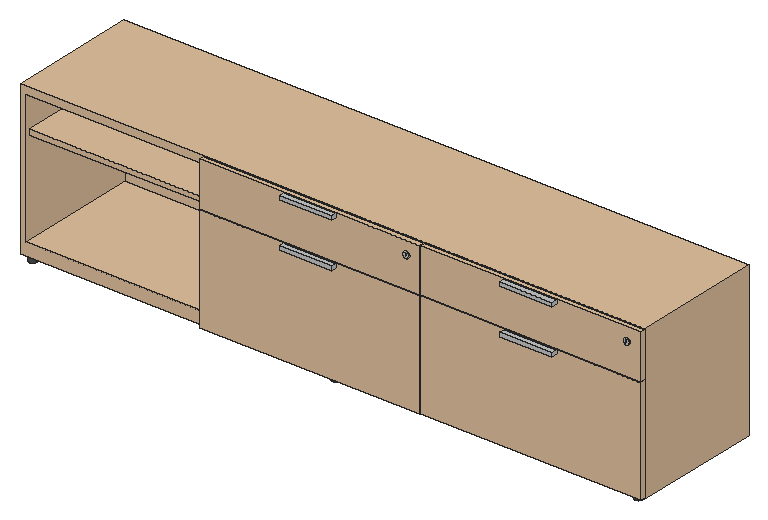
Revit family "Storage-Frestanding-Teknion-BSMLF_Mid_Height_Credenza_Open_and_Drawers-R2018", category Furniture, Revit 2018
Family settings
  OmniClass Number = 23.40.20.00
  OmniClass Title = General Furniture and Specialties
  Work Plane-Based = No
  Always vertical = Yes
  Cut with Voids When Loaded = No
  Shared = Yes
  Room Calculation Point = No
Parameters (values of type "Right Drawer Configuration")
  Width [instance] = 84.000"
  Warranty = "http://www.teknion.com/ca/papers/legal-canada"
  Unit Weight URL = "http://www.teknion.com/ca/tools/assets#&asset=bee6a381-b954-425e-8283-5a2de3a804f2,f828d448-4b62-4231-9e5f-9a8991c0ed77"
  URL = "www.teknion.com"
  To render please download texture images found here [instance] = "https://assets.teknion.com/web/5e81352c1dfdb467/revit-material-swatches/"
  Sustainability Data = "https://www.teknion.com/ca/tools/assets#&topic=216f99a5-57a0-44fc-b10a-9dee9b29ae4c&asset=444deb64-fe58-4b68-981e-f75e97781df7,b4ff2d81-9f2e-437d-9659-7cffb09c31cf"
  Single Right Handles [instance] = and(Left Cut, not(or(Width = 84.000", Width = 81.000", Width = 78.000", Width = 75.000", Width = 72.000")))  # no
  Single Left Handles [instance] = and(Right Cut, not(or(Width = 84.000", Width = 81.000", Width = 78.000", Width = 75.000", Width = 72.000")))  # no
  Series = "Expansion Casegoods"  # constant formula
  Right Drawer Divide [instance] = if(and(Left Cut, or(Width = 84.000", Width = 81.000", Width = 78.000", Width = 75.000", Width = 72.000")), 21.000", 0.500")  # 0.500"
  Right Cut = yes
  Product Page URL = "https://www.teknion.com/ca/products/product-details?productLineId=0053336e-8e7a-673b-a6c8-ff00004460c4"
  Product Line = "Expansion Casegoods"  # constant formula
  Product Documentation Link = "https://www.teknion.com/pricing/expansion-casegoods/pdfs/BSMLF_ppg.pdf"
  Part Number = "BSMLF"  # constant formula
  Open to Drawers [instance] = if(Right Cut, Cut Depth + Cut Start Location, Cut Start Location)  # 24.577"
  Model = "BSMLF18__21R"
  Manufacturer Phone = "416-661-3370"  # constant formula
  Manufacturer Fax = "416.661.4586"  # constant formula
  Manufacturer Contact Information = "http://www.teknion.com/ca/contactus"
  Manufacturer Address = "1150 Flint Road, Toronto, ON. M3J 2J5. Canada"  # constant formula
  Manufacturer = "Teknion"  # constant formula
  Left Drawer Divide [instance] = if(and(Right Cut, or(Width = 84.000", Width = 81.000", Width = 78.000", Width = 75.000", Width = 72.000")), 21.000", 0.500")  # 21.000"
  Left Cut = no
  How To Use Teknion Materials User Guide [instance] = "https://assets.teknion.com/m/205dd0a49fa58060/original/How-to-add-a-Material-Library-and-Texture-Images-to-your-Revit-project.pdf"
  Handle Finish [instance] = Paint - Teknion - Mica - Platinum
  For Additional Finishes please visit [instance] = "https://assets.teknion.com/m/44a8009b046e5d47/original/Teknion_Materials_Library.zip"
  Drawer Front Finish [instance] = Veneer - Teknion - 5N - Flintwood - White Oak
  Drawer Cut Start [instance] = if(Right Cut, 0.000", Cut Start Location)  # 0.000"
  Drawer Cut Length [instance] = if(Right Cut, Cut Depth + Cut Start Location, 35.000")  # 24.577"
  Double Right Handles [instance] = and(Left Cut, or(Width = 84.000", Width = 81.000", Width = 78.000", Width = 75.000", Width = 72.000"))  # no
  Double Left Handles [instance] = and(Right Cut, or(Width = 84.000", Width = 81.000", Width = 78.000", Width = 75.000", Width = 72.000"))  # yes
  Description = "Mid-Height Credenza - Open and Drawers, 18\" Depth, 21\" Height, Right Drawer Configuration"
  Cut Start Location [instance] = if(Left Cut, if(Width = 84.000", 59.003", if(Width = 81.000", 47.063", if(Width = 78.000", 47.063", if(Width = 75.000", 47.063", if(Width = 72.000", 47.063", if(Width = 69.000", 35.820", if(Width = 66.000", 35.820", if(Width = 63.000", 35.820", if(Width = 60.000", 35.820", if(Width = 57.000", 29.850", if(Width = 54.000", 29.850", if(Width = 51.000", 29.850", 23.880")))))))))))), 0.701")  # 0.701"
  Cut Depth [instance] = if(Width = 84.000", 23.876", if(Width = 81.000", 32.831", if(Width = 78.000", 29.846", if(Width = 75.000", 26.861", if(Width = 72.000", 23.876", if(Width = 69.000", 32.134", if(Width = 66.000", 29.149", if(Width = 63.000", 26.164", if(Width = 60.000", 23.179", if(Width = 57.000", 26.164", if(Width = 54.000", 23.179", if(Width = 51.000", 20.194", if(Width = 48.000", 23.179", if(Width = 45.000", 20.194", 17.209"))))))))))))))  # 23.876"
  Case Finish [instance] = Veneer - Teknion - 5N - Flintwood - White Oak
  Available Widths [instance] = "42, 45, 48, 51, 54, 57, 60, 63, 66, 69, 72, 75, 78, 81, and 84 Inches"  # constant formula
  Assembly Code = "E2020200"
  Actual Width [instance] = if(Width = 84.000", 83.580", if(Width = 81.000", 80.595", if(Width = 78.000", 77.610", if(Width = 75.000", 74.625", if(Width = 72.000", 71.640", if(Width = 69.000", 68.655", if(Width = 66.000", 65.670", if(Width = 63.000", 62.685", if(Width = 60.000", 59.700", if(Width = 57.000", 56.715", if(Width = 54.000", 53.730", if(Width = 51.000", 50.745", if(Width = 48.000", 47.760", if(Width = 45.000", 44.775", 41.790"))))))))))))))  # 83.580"
Types (3): name | Right Drawer Divide | Right Cut | Open to Drawers | Model | Left Drawer Divide | Left Cut | Drawer Cut Start | Drawer Cut Length | Double Right Handles | Double Left Handles | Description | Cut Start Location
  (no name) | 0.500" | yes | 24.577" | "BSMLF18__21R" | 21.000" | no | 0.000" | 24.577" | no | yes | "Mid-Height Credenza - Open and Drawers, 18\" Depth, 21\" Height, Right Drawer Configuration" | 0.701"
  Left Drawer Configuration | 21.000" | no | 59.003" | "BSMLF18__21L" | 0.500" | yes | 59.003" | 35.000" | yes | no | "Mid-Height Credenza - Open and Drawers, 18\" Depth, 21\" Height, Left Drawer Configuration" | 59.003"
  Right Drawer Configuration | 0.500" | yes | 24.577" | "BSMLF18__21R" | 21.000" | no | 0.000" | 24.577" | no | yes | "Mid-Height Credenza - Open and Drawers, 18\" Depth, 21\" Height, Right Drawer Configuration" | 0.701"
Reference planes (in)
  plane 1 "Center Front/Back": y = 0
  plane 2: z = 0
  plane 3 "Center Left/Right": x = 0
  plane 4 "Left": x = -41.79
  plane 5 "Right": x = 41.79
  plane 6 "Back": y = 9
  plane 7 "Front": y = -9
  plane 8 "Top": z = 21
  plane 9: x = -17.213
  plane 10: x = -29.5015
  plane 11: x = 12.2885
  plane 12: x = -35.64575
  plane 13: x = -23.35725
  plane 14: x = -2.46225
  plane 15: x = 27.03925
Forms (in)
  Sweep 1, solid, material "Veneer - Teknion - 5N - Flintwood - White Oak" <- "Case Finish"
    path origin (0, 0, 0) x (1, 0, 0) y (0, 1, 0)
      loop
        line (0, 9) -> (0, -8.29921)
    profile origin (0, 0.35039, 0) x (1, 0, 0) y (0, 0, 1)
      loop
        line (-41.79, 21) -> (-41.79, 0.60236) -> (41.79, 0.60236) -> (41.79, 21) -> (-41.79, 21)
  Sweep 2, solid, material "Plastic - Teknion - E - Ebony"
    path origin (0, 0, 0) x (1, 0, 0) y (0, 0, 1)
      loop
        line (0, 0) -> (0, 0.60236)
    profile origin (0, 0, 0.30118) x (-1, 0, 0) y (0, -1, 0)
      loop
        circle (40.52822, -7.74491) r 0.5
      loop
        circle (40.52822, 7.74491) r 0.5
      loop
        circle (0, -7.74491) r 0.5
      loop
        circle (0, 7.74491) r 0.5
      loop
        circle (-40.52822, -7.74491) r 0.5
      loop
        circle (-40.52822, 7.74491) r 0.5
  Sweep 3, solid, material "Veneer - Teknion - 5N - Flintwood - White Oak" <- "Drawer Front Finish"
    path origin (0, 0, 0) x (1, 0, 0) y (0, 0, 1)
      loop
        line (0, 0.72047) -> (0, 20.88189)
    profile origin (0, 0, 10.80118) x (-1, 0, 0) y (0, -1, 0)
      loop
        line (41.79, 8.29921) -> (41.79, 9) -> (-41.79, 9) -> (-41.79, 8.29921) -> (41.79, 8.29921)
  Sweep 4, void
    path origin (0, 0, 0) x (1, 0, 0) y (0, 1, 0)
      loop
        line (-41.089, 0) -> (-17.213, 0)
    profile origin (-29.151, 0, 0) x (0, 1, 0) y (0, 0, 1)
      loop
        line (8.29921, 19.98425) -> (-9, 19.98425) -> (-9, 2.3189) -> (8.29921, 2.3189) -> (8.29921, 14.96063) -> (-7.82677, 14.96063) -> (-7.82677, 15.66142) -> (8.29921, 15.66142) -> (8.29921, 19.98425)
  Sweep 5, void
    path origin (0, 0, 0) x (1, 0, 0) y (0, 1, 0)
      loop
        line (-41.79, 0) -> (-17.213, 0)
    profile origin (-29.5015, 0, 0) x (0, 1, 0) y (0, 0, 1)
      loop
        line (-8.29921, 21) -> (-9, 21) -> (-9, 0.60236) -> (-8.29921, 0.60236) -> (-8.29921, 21)
  Sweep 6, void
    path origin (0, 0, 0) x (1, 0, 0) y (0, 1, 0)
      loop
        line (0, -9) -> (0, -8.29921)
    profile origin (0, -8.64961, 0) x (-1, 0, 0) y (0, 0, 1)
      loop
        line (41.79, 14.96063) -> (-41.79, 14.96063) -> (-41.79, 14.84252) -> (41.79, 14.84252) -> (41.79, 14.96063)
  Sweep 7, void
    path origin (0, 0, 0) x (1, 0, 0) y (0, 0, 1)
      loop
        line (12.2885, 0) -> (12.2885, 21)
    profile origin (12.2885, 0, 10.5) x (-1, 0, 0) y (0, -1, 0)
      loop
        line (0.05906, 9) -> (-0.05906, 9) -> (-0.05906, 8.29921) -> (0.05906, 8.29921) -> (0.05906, 9)
  Sweep 8, void
    path origin (0, 0, 0) x (1, 0, 0) y (0, 0, 1)
      loop
        line (-29.5015, 0) -> (-29.5015, 0.5)
    profile origin (-29.5015, 0, 0.25) x (-1, 0, 0) y (0, -1, 0)
      loop
        line (0.05906, 9) -> (-0.05906, 9) -> (-0.05906, 8.29921) -> (0.05906, 8.29921) -> (0.05906, 9)
  Sweep 9, solid, material "Paint - Teknion - Mica - Platinum" <- "Handle Finish", visible <- "Single Right Handles"
    path origin (0, 0, 0) x (1, 0, 0) y (0, 1, 0)
      loop
        line (0, -9.75197) -> (0, -9)
    profile origin (0, -9.37598, 0) x (-1, 0, 0) y (0, 0, 1)
      loop
        line (33.0015, 20.82283) -> (26.0015, 20.82283) -> (26.0015, 20.32283) -> (33.0015, 20.32283) -> (33.0015, 20.82283)
      loop
        line (33.0015, 14.28346) -> (33.0015, 14.78346) -> (26.0015, 14.78346) -> (26.0015, 14.28346) -> (33.0015, 14.28346)
  Sweep 10, solid, material "Paint - Teknion - Mica - Platinum" <- "Handle Finish", visible <- "Single Left Handles"
    path origin (0, 0, 0) x (1, 0, 0) y (0, 1, 0)
      loop
        line (0, -9.75197) -> (0, -9)
    profile origin (0, -9.37598, 0) x (-1, 0, 0) y (0, 0, 1)
      loop
        line (-8.7885, 14.28346) -> (-8.7885, 14.78346) -> (-15.7885, 14.78346) -> (-15.7885, 14.28346) -> (-8.7885, 14.28346)
      loop
        line (-8.7885, 20.32283) -> (-8.7885, 20.82283) -> (-15.7885, 20.82283) -> (-15.7885, 20.32283) -> (-8.7885, 20.32283)
  Sweep 11, solid, material "Paint - Teknion - Mica - Platinum" <- "Handle Finish", visible <- "Double Right Handles"
    path origin (0, 0, 0) x (1, 0, 0) y (0, 1, 0)
      loop
        line (0, -9) -> (0, -9.75197)
    profile origin (0, -9.37598, 0) x (1, 0, 0) y (0, 0, 1)
      loop
        line (-39.14575, 20.32283) -> (-32.14575, 20.32283) -> (-32.14575, 20.82283) -> (-39.14575, 20.82283) -> (-39.14575, 20.32283)
      loop
        line (-39.14575, 14.28346) -> (-32.14575, 14.28346) -> (-32.14575, 14.78346) -> (-39.14575, 14.78346) -> (-39.14575, 14.28346)
      loop
        line (-26.85725, 20.32283) -> (-19.85725, 20.32283) -> (-19.85725, 20.82283) -> (-26.85725, 20.82283) -> (-26.85725, 20.32283)
      loop
        line (-26.85725, 14.28346) -> (-19.85725, 14.28346) -> (-19.85725, 14.78346) -> (-26.85725, 14.78346) -> (-26.85725, 14.28346)
  Sweep 12, solid, material "Paint - Teknion - Mica - Platinum" <- "Handle Finish", visible <- "Double Left Handles"
    path origin (0, 0, 0) x (1, 0, 0) y (0, 1, 0)
      loop
        line (0, -9.75197) -> (0, -9)
    profile origin (0, -9.37598, 0) x (-1, 0, 0) y (0, 0, 1)
      loop
        line (5.96225, 14.28346) -> (5.96225, 14.78346) -> (-1.03775, 14.78346) -> (-1.03775, 14.28346) -> (5.96225, 14.28346)
      loop
        line (5.96225, 20.32283) -> (5.96225, 20.82283) -> (-1.03775, 20.82283) -> (-1.03775, 20.32283) -> (5.96225, 20.32283)
      loop
        line (-23.53925, 14.28346) -> (-23.53925, 14.78346) -> (-30.53925, 14.78346) -> (-30.53925, 14.28346) -> (-23.53925, 14.28346)
      loop
        line (-23.53925, 20.32283) -> (-23.53925, 20.82283) -> (-30.53925, 20.82283) -> (-30.53925, 20.32283) -> (-23.53925, 20.32283)
  Sweep 13, solid, material "Paint - Teknion - Mica - Platinum", visible <- "Right Cut"
    path origin (0, 0, 0) x (1, 0, 0) y (0, 1, 0)
      loop
        line (0, -9.05906) -> (0, -9)
    profile origin (0, -9.02953, 0) x (-1, 0, 0) y (0, 0, 1)
      loop
        line (-39.89035, 19.33661) -> (-39.98878, 19.33661) -> (-39.98878, 18.9626) -> (-39.89035, 18.9626) -> (-39.89035, 19.33661)
      loop
        circle (-39.93957, 19.14961) r 0.4
  Sweep 14, solid, material "Paint - Teknion - Mica - Platinum", visible <- "Double Left Handles"
    path origin (0, 0, 0) x (1, 0, 0) y (0, 1, 0)
      loop
        line (0, -9.05906) -> (0, -9)
    profile origin (0, -9.02953, 0) x (-1, 0, 0) y (0, 0, 1)
      loop
        circle (-10.43807, 19.14961) r 0.4
      loop
        line (-10.48728, 19.33661) -> (-10.48728, 18.9626) -> (-10.38885, 18.9626) -> (-10.38885, 19.33661) -> (-10.48728, 19.33661)
  Sweep 15, solid, material "Paint - Teknion - Mica - Platinum", visible <- "Left Cut"
    path origin (0, 0, 0) x (1, 0, 0) y (0, 1, 0)
      loop
        line (0, -9.05906) -> (0, -9)
    profile origin (0, -9.02953, 0) x (-1, 0, 0) y (0, 0, 1)
      loop
        circle (19.06343, 19.14961) r 0.4
      loop
        line (19.11265, 18.9626) -> (19.11265, 19.33661) -> (19.01422, 19.33661) -> (19.01422, 18.9626) -> (19.11265, 18.9626)
  Sweep 16, solid, material "Paint - Teknion - Mica - Platinum", visible <- "Double Right Handles"
    path origin (0, 0, 0) x (1, 0, 0) y (0, 1, 0)
      loop
        line (0, -9.05906) -> (0, -9)
    profile origin (0, -9.02953, 0) x (-1, 0, 0) y (0, 0, 1)
      loop
        circle (31.35193, 19.14961) r 0.4
      loop
        line (31.30272, 18.9626) -> (31.40115, 18.9626) -> (31.40115, 19.33661) -> (31.30272, 19.33661) -> (31.30272, 18.9626)
Cuts and joins
  Sweep 4 cuts Sweep 1
  Sweep 5, Sweep 6, Sweep 7, Sweep 8 cuts Sweep 3
Lines and regions (in)
  Masking region 1
    outline origin (0, 0, 0) x (1, 0, 0) y (0, 1, 0)
      loop
        line (-41.79, 9) -> (-41.79, -8.29921) -> (41.79, -8.29921) -> (41.79, 9) -> (-41.79, 9)
  Masking region 2, visible <- "Double Right Handles"
    outline origin (0, 0, 0) x (1, 0, 0) y (0, 1, 0)
      loop
        line (-41.79, -9) -> (-29.56056, -9) -> (-29.56056, -8.29921) -> (-41.79, -8.29921) -> (-41.79, -9)
      loop
        line (-29.44244, -8.29921) -> (-29.44244, -9) -> (-17.213, -9) -> (-17.213, -8.29921) -> (-29.44244, -8.29921)
  Masking region 3, visible <- "Single Right Handles"
    outline origin (0, 0, 0) x (1, 0, 0) y (0, 1, 0)
      loop
        line (-17.213, -8.29921) -> (-41.79, -8.29921) -> (-41.79, -9) -> (-17.213, -9) -> (-17.213, -8.29921)
  Masking region 4, visible <- "Single Left Handles"
    outline origin (0, 0, 0) x (1, 0, 0) y (0, 1, 0)
      loop
        line (-17.213, -8.29921) -> (-17.213, -9) -> (41.79, -9) -> (41.79, -8.29921) -> (-17.213, -8.29921)
  Masking region 5, visible <- "Double Left Handles"
    outline origin (0, 0, 0) x (1, 0, 0) y (0, 1, 0)
      loop
        line (-17.213, -8.29921) -> (-17.213, -9) -> (12.22944, -9) -> (12.22944, -8.29921) -> (-17.213, -8.29921)
      loop
        line (12.34756, -8.29921) -> (12.34756, -9) -> (41.79, -9) -> (41.79, -8.29921) -> (12.34756, -8.29921)
  Masking region 6, visible <- "Double Right Handles"
    outline origin (0, 0, 0) x (1, 0, 0) y (0, 1, 0)
      loop
        line (-39.14575, -9) -> (-39.14575, -9.75197) -> (-32.14575, -9.75197) -> (-32.14575, -9) -> (-39.14575, -9)
      loop
        line (-26.85725, -9) -> (-26.85725, -9.75197) -> (-19.85725, -9.75197) -> (-19.85725, -9) -> (-26.85725, -9)
  Masking region 7, visible <- "Single Right Handles"
    outline origin (0, 0, 0) x (1, 0, 0) y (0, 1, 0)
      loop
        line (-33.0015, -9) -> (-33.0015, -9.75197) -> (-26.0015, -9.75197) -> (-26.0015, -9) -> (-33.0015, -9)
  Masking region 8, visible <- "Single Left Handles"
    outline origin (0, 0, 0) x (1, 0, 0) y (0, 1, 0)
      loop
        line (8.7885, -9) -> (8.7885, -9.75197) -> (15.7885, -9.75197) -> (15.7885, -9) -> (8.7885, -9)
  Masking region 9, visible <- "Double Left Handles"
    outline origin (0, 0, 0) x (1, 0, 0) y (0, 1, 0)
      loop
        line (-5.96225, -9.75197) -> (1.03775, -9.75197) -> (1.03775, -9) -> (-5.96225, -9) -> (-5.96225, -9.75197)
      loop
        line (23.53925, -9.75197) -> (30.53925, -9.75197) -> (30.53925, -9) -> (23.53925, -9) -> (23.53925, -9.75197)
  symbolic lines, style "FurnitureHiddenLines", detail levels fine
    curve 1: arc (-41.02822, 7.74491, 0) -> (-40.52822, 7.24491, 0) -> (-40.02822, 7.74491, 0) r 0.5
    curve 2: arc (-40.02822, 7.74491, 0) -> (-40.52822, 8.24491, 0) -> (-41.02822, 7.74491, 0) r 0.5
    curve 3: arc (-40.02822, -7.74491, 0) -> (-40.52822, -7.24491, 0) -> (-41.02822, -7.74491, 0) r 0.5
    curve 4: arc (-41.02822, -7.74491, 0) -> (-40.52822, -8.24491, 0) -> (-40.02822, -7.74491, 0) r 0.5
    curve 5: arc (-0.5, 7.74491, 0) -> (0, 7.24491, 0) -> (0.5, 7.74491, 0) r 0.5
    curve 6: arc (0.5, 7.74491, 0) -> (0, 8.24491, 0) -> (-0.5, 7.74491, 0) r 0.5
    curve 7: arc (-0.5, -7.74491, 0) -> (0, -8.24491, 0) -> (0.5, -7.74491, 0) r 0.5
    curve 8: arc (0.5, -7.74491, 0) -> (0, -7.24491, 0) -> (-0.5, -7.74491, 0) r 0.5
    curve 9: arc (41.02822, -7.74491, 0) -> (40.52822, -7.24491, 0) -> (40.02822, -7.74491, 0) r 0.5
    curve 10: arc (40.02822, -7.74491, 0) -> (40.52822, -8.24491, 0) -> (41.02822, -7.74491, 0) r 0.5
    curve 11: arc (40.02822, 7.74491, 0) -> (40.52822, 7.24491, 0) -> (41.02822, 7.74491, 0) r 0.5
    curve 12: arc (41.02822, 7.74491, 0) -> (40.52822, 8.24491, 0) -> (40.02822, 7.74491, 0) r 0.5
  symbolic lines, style "FurnitureHiddenLines", detail levels medium+fine
    curve 13: line (-41.089, -8.29921, 0) -> (-41.089, 8.29921, 0)
    curve 14: line (-17.213, 8.29921, 0) -> (-41.089, 8.29921, 0)
    curve 15: line (-41.089, -7.82677, 0) -> (-17.213, -7.82677, 0)
    curve 16: line (-17.213, -8.29921, 0) -> (-17.213, 8.29921, 0)
Dimensions and locks (in)
  "Actual Width": plane 4 "Left" to plane 5 "Right"
  locked: plane 6 "Back" to plane 7 "Front" at 18
  plane 8 "Top" to level = 21.000"
  equal spacing: plane 6 "Back", plane 1 "Center Front/Back", plane 7 "Front"
  equal spacing: plane 4 "Left", plane 3 "Center Left/Right", plane 5 "Right"
  locked: plane 7 "Front" to Sweep 1 sketch curve at 0.70079
  Sweep 1 sketch curve to Sweep 1 sketch curve to level = 20.39764" locked, 0.60236" locked
  locked: Sweep 2 sketch curve to level at 0.60236
  plane 4 "Left" to Sweep 2 sketch curve to Sweep 2 sketch curve = 1.26178" locked, 0.000" locked
  Sweep 2 sketch curve to Sweep 2 sketch curve to plane 5 "Right" = 0.000" locked, 1.26178" locked
  plane 6 "Back" to Sweep 2 sketch curve to Sweep 2 sketch curve to Sweep 2 sketch curve = 1.25509" locked, 0.000" locked, 0.000" locked
  plane 7 "Front" to Sweep 2 sketch curve to Sweep 2 sketch curve to Sweep 2 sketch curve = 1.25509" locked, 0.000" locked, 0.000" locked
  Sweep 3 sketch curve to Sweep 3 sketch curve to level = 20.16142" locked, 0.72047" locked
  locked: plane 7 "Front" to Sweep 3 sketch curve at 0.70079
  "Cut Start Location": plane 4 "Left" to Sweep 4 sketch curve
  "Cut Depth": Sweep 4 sketch curve to Sweep 4 sketch curve
  Sweep 4 sketch curve to Sweep 4 sketch curve to Sweep 4 sketch curve to Sweep 4 sketch curve to level = 4.32283" locked, 0.70079" locked, 12.64173" locked, 2.3189" locked
  Sweep 4 sketch curve to Sweep 4 sketch curve to plane 1 "Center Front/Back" to Sweep 4 sketch curve to Sweep 4 sketch curve = 0.000" locked, 8.29921" locked, 7.82677" locked, 1.17323" locked
  "Open to Drawers": plane 4 "Left" to plane 9
  "Drawer Cut Start": plane 4 "Left" to Sweep 5 sketch curve
  "Drawer Cut Length": Sweep 5 sketch curve to Sweep 5 sketch curve
  Sweep 5 sketch curve to plane 7 "Front" to Sweep 5 sketch curve = 0.70079" locked, 0.000" locked
  locked: Sweep 5 sketch curve to level at 0.60236
  locked: plane 7 "Front" to Sweep 6 sketch curve at 0.70079
  locked: plane 5 "Right" to Sweep 6 sketch curve at 0
  locked: plane 4 "Left" to Sweep 6 sketch curve
  Sweep 6 sketch curve to Sweep 6 sketch curve to level = 0.11811" locked, 14.84252" locked
  equal spacing: plane 4 "Left", plane 10, plane 9
  equal spacing: plane 9, plane 11, plane 5 "Right"
  "Left Drawer Divide": Sweep 7 sketch curve to level
  plane 7 "Front" to Sweep 7 sketch curve to Sweep 7 sketch curve = 0.000" locked, 0.70079" locked
  Sweep 7 sketch curve to plane 11 to Sweep 7 sketch curve = 0.05906" locked, 0.05906" locked
  "Right Drawer Divide": Sweep 8 sketch curve to level
  Sweep 8 sketch curve to plane 10 to Sweep 8 sketch curve = 0.05906" locked, 0.05906" locked
  locked: plane 7 "Front" to Sweep 8 sketch curve at 0.70079
  Sweep 9 sketch curve to Sweep 9 sketch curve to plane 10 to Sweep 9 sketch curve to Sweep 9 sketch curve = 0.000" locked, 3.500" locked, 3.500" locked, 0.000" locked
  Sweep 9 sketch curve to Sweep 9 sketch curve to Sweep 9 sketch curve to Sweep 9 sketch curve to level = 0.500" locked, 5.53937" locked, 0.500" locked, 14.28346" locked
  Sweep 9 sketch curve to plane 7 "Front" to Sweep 9 sketch curve = 0.75197" locked, 0.000" locked
  Sweep 10 sketch curve to plane 7 "Front" to Sweep 10 sketch curve = 0.75197" locked, 0.000" locked
  Sweep 10 sketch curve to Sweep 10 sketch curve to Sweep 10 sketch curve to Sweep 10 sketch curve to level = 0.500" locked, 5.53937" locked, 0.500" locked, 14.28346" locked
  Sweep 10 sketch curve to Sweep 10 sketch curve to plane 11 to Sweep 10 sketch curve to Sweep 10 sketch curve = 0.000" locked, 3.500" locked, 3.500" locked, 0.000" locked
  equal spacing: plane 11, plane 15, plane 5 "Right"
  equal spacing: plane 9, plane 14, plane 11
  equal spacing: plane 10, plane 13, plane 9
  equal spacing: plane 4 "Left", plane 12, plane 10
  locked: Sweep 11 sketch curve to plane 7 "Front" at 0.75197
  Sweep 11 sketch curve to Sweep 11 sketch curve to plane 12 to Sweep 11 sketch curve to Sweep 11 sketch curve = 0.000" locked, 3.500" locked, 3.500" locked, 0.000" locked
  Sweep 11 sketch curve to Sweep 11 sketch curve to plane 13 to Sweep 11 sketch curve to Sweep 11 sketch curve = 0.000" locked, 3.500" locked, 3.500" locked, 0.000" locked
  Sweep 11 sketch curve to Sweep 11 sketch curve to Sweep 11 sketch curve to Sweep 11 sketch curve to Sweep 11 sketch curve to Sweep 11 sketch curve to Sweep 11 sketch curve to Sweep 11 sketch curve to level = 0.000" locked, 0.500" locked, 0.000" locked, 5.53937" locked, 0.000" locked, 0.500" locked, 0.000" locked, 14.28346" locked
  locked: Sweep 12 sketch curve to plane 7 "Front" at 0.75197
  Sweep 12 sketch curve to Sweep 12 sketch curve to plane 14 to Sweep 12 sketch curve to Sweep 12 sketch curve = 0.000" locked, 3.500" locked, 3.500" locked, 0.000" locked
  Sweep 12 sketch curve to Sweep 12 sketch curve to plane 15 to Sweep 12 sketch curve to Sweep 12 sketch curve = 0.000" locked, 3.500" locked, 3.500" locked, 0.000" locked
  Sweep 12 sketch curve to Sweep 12 sketch curve to Sweep 12 sketch curve to Sweep 12 sketch curve to level = 0.500" locked, 5.53937" locked, 0.500" locked, 14.28346" locked  (x2)
  locked: Sweep 13 sketch curve to plane 7 "Front" at 0.05906
  Sweep 13 sketch curve to Sweep 13 sketch curve to Sweep 13 sketch curve to plane 5 "Right" = 0.04921" locked, 0.04921" locked, 1.80122" locked
  plane 8 "Top" to Sweep 13 sketch curve to Sweep 13 sketch curve to Sweep 13 sketch curve = 1.66339" locked, 0.18701" locked, 0.18701" locked
  locked: Sweep 14 sketch curve to plane 7 "Front" at 0.05906
  plane 11 to Sweep 14 sketch curve to Sweep 14 sketch curve to Sweep 14 sketch curve = 1.80122" locked, 0.04921" locked, 0.04921" locked
  plane 8 "Top" to Sweep 14 sketch curve to Sweep 14 sketch curve to Sweep 14 sketch curve = 1.66339" locked, 0.18701" locked, 0.18701" locked
  locked: Sweep 15 sketch curve to plane 7 "Front" at 0.05906
  plane 9 to Sweep 15 sketch curve to Sweep 15 sketch curve to Sweep 15 sketch curve = 1.80122" locked, 0.04921" locked, 0.04921" locked
  plane 8 "Top" to Sweep 15 sketch curve to Sweep 15 sketch curve to Sweep 15 sketch curve = 1.66339" locked, 0.18701" locked, 0.18701" locked
  locked: Sweep 16 sketch curve to plane 7 "Front" at 0.05906
  plane 8 "Top" to Sweep 16 sketch curve to Sweep 16 sketch curve to Sweep 16 sketch curve = 1.66339" locked, 0.18701" locked, 0.18701" locked
  plane 10 to Sweep 16 sketch curve to Sweep 16 sketch curve to Sweep 16 sketch curve = 1.80122" locked, 0.04921" locked, 0.04921" locked
  locked: plane 7 "Front" to Masking region 1 sketch curve at 0.70079
  locked: plane 4 "Left" to Masking region 2 sketch curve at 0
  Masking region 2 sketch curve to plane 10 to Masking region 2 sketch curve = 0.05906" locked, 0.05906" locked
  locked: Masking region 2 sketch curve to plane 9 at 0
  plane 7 "Front" to Masking region 2 sketch curve to Masking region 2 sketch curve to Masking region 2 sketch curve to Masking region 2 sketch curve = 0.000" locked, 0.000" locked, 0.70079" locked, 0.000" locked
  locked: plane 7 "Front" to Masking region 3 sketch curve at 0.70079
  locked: plane 7 "Front" to Masking region 4 sketch curve at 0.70079
  locked: plane 5 "Right" to Masking region 5 sketch curve at 0
  locked: plane 9 to Masking region 5 sketch curve at 0
  plane 7 "Front" to Masking region 5 sketch curve to Masking region 5 sketch curve = 0.70079" locked, 0.000" locked
  Masking region 5 sketch curve to plane 11 to Masking region 5 sketch curve = 0.05906" locked, 0.05906" locked
  Masking region 6 sketch curve to plane 12 to Masking region 6 sketch curve = 3.500" locked, 3.500" locked
  Masking region 6 sketch curve to plane 13 to Masking region 6 sketch curve = 3.500" locked, 3.500" locked
  Masking region 6 sketch curve to Masking region 6 sketch curve to plane 7 "Front" to Masking region 6 sketch curve to Masking region 6 sketch curve = 0.000" locked, 0.75197" locked, 0.000" locked, 0.000" locked
  Masking region 7 sketch curve to plane 10 to Masking region 7 sketch curve = 3.500" locked, 3.500" locked
  Masking region 7 sketch curve to plane 7 "Front" to Masking region 7 sketch curve = 0.75197" locked, 0.000" locked
  Masking region 8 sketch curve to plane 11 to Masking region 8 sketch curve = 3.500" locked, 3.500" locked
  Masking region 8 sketch curve to plane 7 "Front" to Masking region 8 sketch curve = 0.75197" locked, 0.000" locked
  Masking region 9 sketch curve to plane 14 to Masking region 9 sketch curve = 3.500" locked, 3.500" locked
  Masking region 9 sketch curve to plane 15 to Masking region 9 sketch curve = 3.500" locked, 3.500" locked
  Masking region 9 sketch curve to Masking region 9 sketch curve to plane 7 "Front" to Masking region 9 sketch curve to Masking region 9 sketch curve = 0.000" locked, 0.75197" locked, 0.000" locked, 0.000" locked
  "Cut Start Location": plane 4 "Left" to curve 15
  "Cut Depth": curve 15 to curve 15
  aligned and locked: level to plane 2
  aligned and locked: plane 6 "Back" to Sweep 1 sketch curve
  aligned and locked: Sweep 1 sketch curve to plane 3 "Center Left/Right"
  aligned and locked: plane 4 "Left" to Sweep 1 sketch curve
  aligned and locked: plane 5 "Right" to Sweep 1 sketch curve
  aligned and locked: level to Sweep 2 sketch curve
  aligned and locked: plane 3 "Center Left/Right" to Sweep 2 sketch curve
  aligned and locked: plane 3 "Center Left/Right" to Sweep 3 sketch curve
  aligned and locked: Sweep 3 sketch curve to plane 4 "Left"
  aligned and locked: Sweep 3 sketch curve to plane 7 "Front"
  aligned and locked: plane 5 "Right" to Sweep 3 sketch curve
  aligned and locked: plane 1 "Center Front/Back" to Sweep 4 sketch curve
  aligned and locked: Sweep 5 sketch curve to plane 8 "Top"
  aligned and locked: plane 7 "Front" to Sweep 6 sketch curve
  aligned and locked: Sweep 6 sketch curve to plane 3 "Center Left/Right"
  aligned and locked: plane 11 to Sweep 7 sketch curve
  aligned and locked: level to Sweep 7 sketch curve
  aligned and locked: level to Sweep 8 sketch curve
  aligned and locked: plane 10 to Sweep 8 sketch curve
  aligned and locked: plane 7 "Front" to Sweep 8 sketch curve
  aligned and locked: Sweep 9 sketch curve to plane 3 "Center Left/Right"
  aligned and locked: Sweep 10 sketch curve to plane 3 "Center Left/Right"
  aligned and locked: Sweep 11 sketch curve to plane 3 "Center Left/Right"
  aligned and locked: plane 7 "Front" to Sweep 11 sketch curve
  aligned and locked: Sweep 12 sketch curve to plane 3 "Center Left/Right"
  aligned and locked: plane 7 "Front" to Sweep 12 sketch curve
  aligned and locked: plane 7 "Front" to Sweep 13 sketch curve
  aligned and locked: Sweep 13 sketch curve to plane 3 "Center Left/Right"
  aligned and locked: Sweep 14 sketch curve to plane 3 "Center Left/Right"
  aligned and locked: plane 7 "Front" to Sweep 14 sketch curve
  aligned and locked: plane 7 "Front" to Sweep 15 sketch curve
  aligned and locked: Sweep 15 sketch curve to plane 3 "Center Left/Right"
  aligned and locked: Sweep 16 sketch curve to plane 3 "Center Left/Right"
  aligned and locked: plane 7 "Front" to Sweep 16 sketch curve
  aligned and locked: plane 4 "Left" to Masking region 1 sketch curve
  aligned and locked: Masking region 1 sketch curve to plane 6 "Back"
  aligned and locked: Masking region 1 sketch curve to plane 5 "Right"
  aligned and locked: Masking region 3 sketch curve to plane 4 "Left"
  aligned and locked: Masking region 3 sketch curve to plane 7 "Front"
  aligned and locked: Masking region 3 sketch curve to plane 9
  aligned and locked: Masking region 4 sketch curve to plane 9
  aligned and locked: plane 5 "Right" to Masking region 4 sketch curve
  aligned and locked: Masking region 4 sketch curve to plane 7 "Front"
  aligned and locked: Masking region 5 sketch curve to plane 7 "Front"  (x2)
  aligned and locked: curve 1 to Sweep 2
  aligned and locked: curve 2 to Sweep 2
  aligned and locked: curve 3 to Sweep 2
  aligned and locked: curve 4 to Sweep 2
  aligned and locked: curve 5 to Sweep 2
  aligned and locked: curve 6 to Sweep 2
  aligned and locked: curve 7 to Sweep 2
  aligned and locked: curve 8 to Sweep 2
  aligned and locked: curve 9 to Sweep 2
  aligned and locked: curve 10 to Sweep 2
  aligned and locked: curve 11 to Sweep 2
  aligned and locked: curve 12 to Sweep 2
  aligned and locked: curve 13 to cut or joined group of Sweep 1, Sweep 4
  aligned and locked: curve 14 to cut or joined group of Sweep 1, Sweep 4
  aligned and locked: curve 16 to cut or joined group of Sweep 1, Sweep 4
Automatic sketch dimensions
  Sweep 2 sketch curve to profile plane = 0.000"  (x2)
  plane 1 "Center Front/Back" to Sweep 5 sketch curve = 0.000"
  Sweep 14 sketch curve to Sweep 14 sketch curve = 0.400"
  Sweep 15 sketch curve to Sweep 15 sketch curve = 0.400"
  Sweep 16 sketch curve to Sweep 16 sketch curve = 0.35079"
  curve 15 to curve 9 = 0.08186"
  curve 13 to curve 15 = 0.47244"
  curve 16 to curve 15 = 0.47244"
  radius of Sweep 2 sketch curve = 0.500"  (x6)
  radius of Sweep 13 sketch curve = 0.400"
